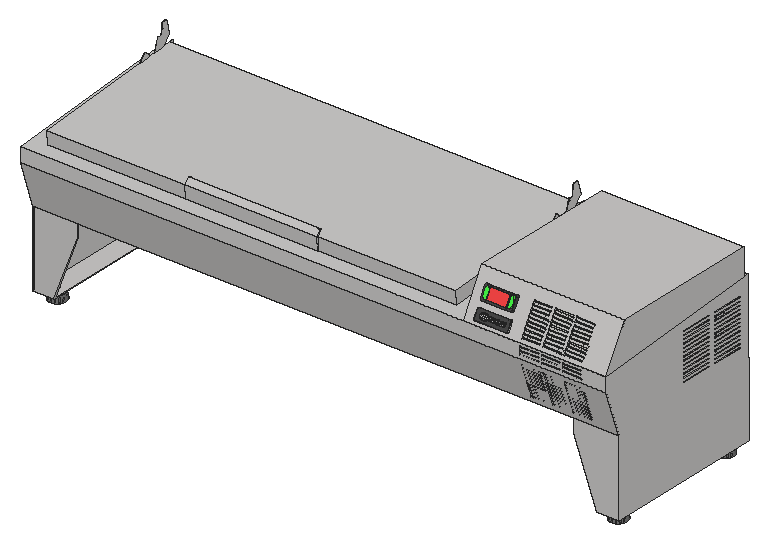
Revit family "QF_MACOM_CAB-2A", category Equipamento especial, Revit 2020
Family settings
  Cota do conector redondo = Utilizar diâmetro
  Tipo de parte = Normal
  Número OmniClass = 23.40.40.11.11.11
  Título OmniClass = Refrigerators
  Com base no plano de trabalho = Não
  Sempre na vertical = Sim
  Corte com vazios quando carregada = Não
  Compartilhado = Não
  Ponto de cálculo do ambiente = Não
Parameters (values of type "CAB-2A")
  Work Temperature = "-4 ºC to +5 ºC"
  Width = 1380 mm
  Weight = 69.00 kg
  Volume = 0.14 m³
  Volts = 220 V
  URL = "https://www.acosmacom.com.br/"
  Show Logo = yes
  Show Clearances = yes
  Refrigerent Type = "R134a"
  Refrigeration Climate Class = "4"
  Operational Current = 2 A
  Modelo = "CAB-2A"
  Ingress Protection Code = "IP 22"
  Height = 440 mm
  Fabricante = "MACOM"
  Elevação padrão = 0 mm
  Electric Power = 307 W
  Elec Connection Height = 207 mm
  Descrição = "CABECOTE REFRIGERADO MACOM PARA 05 GN 1/3-150 COM 5 SUPORTES INTERNOS E PÉS 180mm"
  Depth = 420 mm
  Cycle = 60 Hz
Reference planes
  plane 1: z = 0
  plane 2 "Center (Left/Right)": x = 0
  plane 3 "Centro (Frente/Trás)": y = 0.5
  plane 4: x = -1380
  plane 5: y = -419.5
  plane 6: z = 203
  plane 7: z = 440
  plane 8: x = -65
  plane 9: y = -19.5
Forms (mm)
  Extrusion 1, solid, material "QF_Metal_Stainless Steel-Polished", detail levels medium+fine
    sketch origin (294, 342.174, 274.529) x (0, -0.38282, -0.923823) y (0, -0.923823, 0.38282)
      loop
        line (211.529, 699.088) -> (212.21, 700.425) -> (184.926, 714.326) -> (169.035, 709.163) -> (169.035, 708.274)
        arc (169.035, 708.274) -> (169.241, 707.87) -> (169.69, 707.799) r 0.5
        line (169.69, 707.799) -> (184.799, 712.708) -> (211.529, 699.088)
    from 999.901 to 1310
  Extrusion 2, solid, material "QF_Metal_Stainless Steel-Polished", detail levels fine
    sketch origin (498, 342.174, 273.596) x (0, -0.38282, -0.923823) y (0, -0.923823, 0.38282)
      loop
        circle (28.973, 391.913) r 4.549
      loop
        circle (52.084, 431.707) r 3.299
    from 1840.5 to 1845.959
  Extrusion 3, solid, material "QF_Metal_Stainless Steel-Polished", detail levels fine
    sketch origin (1467.459, 342.174, 273.596) x (0, -0.38282, -0.923823) y (0, -0.923823, 0.38282)
      loop
        circle (28.973, 391.913) r 4.549
      loop
        circle (52.084, 431.707) r 3.299
    from 1840.5 to 1845.959
  Extrusion 4, solid, material "QF_Metal_Stainless Steel-Polished", detail levels medium+fine
    sketch origin (-162.765, -389.001, -148.344) x (0, 0.996929, 0.078312) y (0, -0.078312, 0.996929)
      loop
        line (306.767, 493.22) -> (416.767, 493.22) -> (416.767, 521.233)
        arc (416.767, 521.233) -> (416.573, 521.701) -> (416.106, 521.894) r 0.661
        line (416.106, 521.894) -> (413.276, 521.894)
        arc (413.276, 521.894) -> (408.673, 519.988) -> (406.767, 515.385) r 6.509
        line (406.767, 515.385) -> (406.767, 508.828)
        arc (406.767, 508.828) -> (406.748, 508.038) -> (406.522, 507.282) r 2.957
        arc (406.522, 507.282) -> (406.214, 506.632) -> (405.885, 505.992) r 21.324
        arc (405.885, 505.992) -> (405.497, 505.443) -> (404.989, 505.004) r 2.755
        arc (404.989, 505.004) -> (404.422, 504.635) -> (403.847, 504.281) r 27.059
        arc (403.847, 504.281) -> (403.16, 503.982) -> (402.419, 503.87) r 2.892
        arc (402.419, 503.87) -> (401.564, 503.879) -> (400.712, 503.94) r 14.003
        arc (400.712, 503.94) -> (399.994, 504.109) -> (399.342, 504.455) r 2.873
        arc (399.342, 504.455) -> (398.799, 504.849) -> (398.267, 505.257) r 28.054
        arc (398.267, 505.257) -> (397.599, 505.968) -> (397.176, 506.846) r 3.213
        arc (397.176, 506.846) -> (396.925, 507.827) -> (396.767, 508.828) r 10.886
        line (396.767, 508.828) -> (396.498, 511.243)
        arc (396.498, 511.243) -> (396.101, 512.199) -> (395.334, 512.894) r 2.373
        arc (395.334, 512.894) -> (394.31, 513.138) -> (393.315, 512.792) r 1.881
        arc (393.315, 512.792) -> (392.394, 512.305) -> (391.378, 512.073) r 3.987
        arc (391.378, 512.073) -> (390.764, 512.032) -> (390.148, 512.025) r 11.397
        arc (390.148, 512.025) -> (389.552, 512.087) -> (388.977, 512.253) r 3.374
        arc (388.977, 512.253) -> (388.587, 512.408) -> (388.2, 512.569) r 25.526
        arc (388.2, 512.569) -> (387.624, 512.883) -> (387.116, 513.298) r 3.484
        arc (387.116, 513.298) -> (386.76, 513.662) -> (386.417, 514.038) r 15.164
        arc (386.417, 514.038) -> (386.034, 514.565) -> (385.755, 515.154) r 3.475
        arc (385.755, 515.154) -> (385.568, 515.713) -> (385.409, 516.281) r 12.012
        arc (385.409, 516.281) -> (385.304, 516.967) -> (385.334, 517.659) r 3.548
        arc (385.334, 517.659) -> (385.44, 518.273) -> (385.578, 518.879) r 11.25
        arc (385.578, 518.879) -> (385.85, 519.604) -> (386.267, 520.256) r 3.674
        arc (386.267, 520.256) -> (386.669, 520.731) -> (387.096, 521.182) r 11.26
        line (387.096, 521.182) -> (406.327, 540.413)
        arc (406.327, 540.413) -> (406.871, 541.092) -> (406.972, 541.956) r 1.579
        line (406.972, 541.956) -> (402.166, 571.384)
        arc (402.166, 571.384) -> (401.177, 573.134) -> (399.291, 573.828) r 2.913
        line (399.291, 573.828) -> (394.954, 573.828)
        arc (394.954, 573.828) -> (391.744, 572.661) -> (390.032, 569.705) r 5
        line (390.032, 569.705) -> (386.857, 551.893)
        arc (386.857, 551.893) -> (383.275, 546.981) -> (377.568, 549.077) r 5.047
        arc (377.568, 549.077) -> (376.336, 549.669) -> (375.249, 548.84) r 1.308
        line (375.249, 548.84) -> (359.767, 508.828)
        arc (359.767, 508.828) -> (354.767, 503.828) -> (349.767, 508.828) r 5
        line (349.767, 508.828) -> (349.767, 515.543)
        arc (349.767, 515.543) -> (348.244, 523.197) -> (343.909, 529.685) r 20
        line (343.909, 529.685) -> (339.164, 534.43)
        arc (339.164, 534.43) -> (337.113, 535.279) -> (335.062, 534.43) r 2.901
        line (335.062, 534.43) -> (308.595, 507.962)
        arc (308.595, 507.962) -> (307.242, 505.937) -> (306.767, 503.549) r 6.242
        line (306.767, 503.549) -> (306.767, 493.22)
    from -213.723 to -212.223
  Extrusion 5, solid, material "QF_Metal_Stainless Steel-Polished", detail levels medium+fine
    sketch origin (-1132.277, -388.994, -148.343) x (0, 0.996929, 0.078312) y (0, -0.078312, 0.996929)
      loop
        line (306.759, 493.22) -> (416.759, 493.22) -> (416.759, 521.233)
        arc (416.759, 521.233) -> (416.566, 521.701) -> (416.098, 521.894) r 0.661
        line (416.098, 521.894) -> (413.268, 521.894)
        arc (413.268, 521.894) -> (408.666, 519.988) -> (406.759, 515.385) r 6.509
        line (406.759, 515.385) -> (406.759, 508.828)
        arc (406.759, 508.828) -> (401.759, 503.828) -> (396.759, 508.828) r 5
        line (396.759, 508.828) -> (396.491, 511.243)
        arc (396.491, 511.243) -> (395.326, 512.894) -> (393.308, 512.792) r 2.094
        arc (393.308, 512.792) -> (386.341, 514.129) -> (387.089, 521.182) r 5.24
        line (387.089, 521.182) -> (406.538, 540.631)
        arc (406.538, 540.631) -> (406.911, 541.242) -> (406.965, 541.956) r 1.525
        line (406.965, 541.956) -> (402.158, 571.384)
        arc (402.158, 571.384) -> (401.17, 573.134) -> (399.283, 573.828) r 2.913
        line (399.283, 573.828) -> (394.947, 573.828)
        arc (394.947, 573.828) -> (391.737, 572.661) -> (390.025, 569.705) r 5
        line (390.025, 569.705) -> (386.85, 551.893)
        arc (386.85, 551.893) -> (383.268, 546.981) -> (377.561, 549.077) r 5.047
        arc (377.561, 549.077) -> (376.329, 549.669) -> (375.242, 548.84) r 1.308
        line (375.242, 548.84) -> (359.759, 508.828)
        arc (359.759, 508.828) -> (354.759, 503.828) -> (349.759, 508.828) r 5
        line (349.759, 508.828) -> (349.759, 515.543)
        arc (349.759, 515.543) -> (348.237, 523.197) -> (343.901, 529.685) r 20
        line (343.901, 529.685) -> (339.157, 534.43)
        arc (339.157, 534.43) -> (337.106, 535.279) -> (335.055, 534.43) r 2.901
        line (335.055, 534.43) -> (308.587, 507.962)
        arc (308.587, 507.962) -> (307.234, 505.937) -> (306.759, 503.549) r 6.242
        line (306.759, 503.549) -> (306.759, 493.22)
    from -213.723 to -212.223
  Extrusion 6, solid, material "QF_Metal_Stainless Steel-Polished"
    sketch origin (0, 0.508, 23.58) x (0, -1, 0) y (0, 0, 1)
      loop
        line (382.519, 0) -> (382.519, 179.42) -> (420.008, 286.42) -> (420.008, 320.42) -> (0.008, 353.412) -> (0.008, 0) -> (382.519, 0)
    from 0 to 1380
  Extrusion 7, void
    sketch origin (0, -382.011, 23.58) x (0, 0, -1) y (-1, 0, 0)
      loop
        line (0, 50) -> (0, 1330) -> (-148, 1275) -> (-179.42, 1275) -> (-179.42, 105) -> (-148, 105) -> (0, 50)
    from 0 to 379.511
  Extrusion 8, solid, material "QF_Metal_Stainless Steel-Polished"
    sketch origin (0, 0.508, 23.58) x (0, 1, 0) y (0, 0, 1)
      loop
        line (-420.008, 320.42) -> (-13.5, 352.352) -> (-13.5, 416.42) -> (-364.582, 416.42) -> (-420.008, 320.42)
    from 0 to -335.5
  Extrusion 9, void
    sketch origin (0, 0, 0) x (0, 1, 0) y (0, 0, 1)
      loop
        line (-380.711, 24.88) -> (-0.8, 24.88) -> (-0.8, 203) -> (-380.711, 203) -> (-380.711, 24.88)
    from -1.3 to -1378.2
  Extrusion 10, solid, material "QF_Metal_Stainless Steel-Polished"
    sketch origin (0, 363.764, 265.033) x (0, 0.38282, 0.923823) y (0, -0.923823, 0.38282)
      loop
        line (-46.222, 399.233) -> (-19.492, 412.853) -> (-184.291, 736.288) -> (-211.021, 722.668) -> (-46.222, 399.233)
    from -378.5 to -1342.5
  Extrusion 11, void
    sketch origin (-378.5, 363.764, 265.033) x (0, -0.38282, -0.923823) y (0, -0.923823, 0.38282)
      loop
        line (50.762, 408.143) -> (206.481, 713.758) -> (198.883, 717.63) -> (43.164, 412.014) -> (50.762, 408.143)
    from 10 to 952.5
  Extrusion 12, void, detail levels fine
    sketch origin (-378.5, -423.918, 299.759) x (0, -0.34202, 0.939693) y (1, 0, 0)
      loop
        line (-10.95, 176.75) -> (-6.95, 176.75) -> (-6.95, 221.75) -> (-10.95, 221.75) -> (-10.95, 176.75)
      loop
        line (-10.95, 226.75) -> (-6.95, 226.75) -> (-6.95, 271.75) -> (-10.95, 271.75) -> (-10.95, 226.75)
      loop
        line (-10.95, 321.75) -> (-10.95, 276.75) -> (-6.95, 276.75) -> (-6.95, 321.75) -> (-10.95, 321.75)
      loop
        line (-14.95, 321.75) -> (-18.95, 321.75) -> (-18.95, 276.75) -> (-14.95, 276.75) -> (-14.95, 321.75)
      loop
        line (-14.95, 226.75) -> (-14.95, 271.75) -> (-18.95, 271.75) -> (-18.95, 226.75) -> (-14.95, 226.75)
      loop
        line (-14.95, 176.75) -> (-14.95, 221.75) -> (-18.95, 221.75) -> (-18.95, 176.75) -> (-14.95, 176.75)
      loop
        line (-22.95, 176.75) -> (-22.95, 221.75) -> (-26.95, 221.75) -> (-26.95, 176.75) -> (-22.95, 176.75)
      loop
        line (-22.95, 226.75) -> (-22.95, 271.75) -> (-26.95, 271.75) -> (-26.95, 226.75) -> (-22.95, 226.75)
      loop
        line (-22.95, 276.75) -> (-22.95, 321.75) -> (-26.95, 321.75) -> (-26.95, 276.75) -> (-22.95, 276.75)
      loop
        line (-30.95, 276.75) -> (-30.95, 321.75) -> (-34.95, 321.75) -> (-34.95, 276.75) -> (-30.95, 276.75)
      loop
        line (-30.95, 226.75) -> (-30.95, 271.75) -> (-34.95, 271.75) -> (-34.95, 226.75) -> (-30.95, 226.75)
      loop
        line (-30.95, 176.75) -> (-30.95, 221.75) -> (-34.95, 221.75) -> (-34.95, 176.75) -> (-30.95, 176.75)
      loop
        line (-38.95, 176.75) -> (-38.95, 221.75) -> (-42.95, 221.75) -> (-42.95, 176.75) -> (-38.95, 176.75)
      loop
        line (-46.95, 176.75) -> (-46.95, 221.75) -> (-50.95, 221.75) -> (-50.95, 176.75) -> (-46.95, 176.75)
      loop
        line (-54.95, 176.75) -> (-54.95, 221.75) -> (-58.95, 221.75) -> (-58.95, 176.75) -> (-54.95, 176.75)
      loop
        line (-62.95, 176.75) -> (-62.95, 221.75) -> (-66.95, 221.75) -> (-66.95, 176.75) -> (-62.95, 176.75)
      loop
        line (-70.95, 176.75) -> (-70.95, 221.75) -> (-74.95, 221.75) -> (-74.95, 176.75) -> (-70.95, 176.75)
      loop
        line (-78.95, 176.75) -> (-78.95, 221.75) -> (-82.95, 221.75) -> (-82.95, 176.75) -> (-78.95, 176.75)
      loop
        line (-86.95, 176.75) -> (-86.95, 221.75) -> (-90.95, 221.75) -> (-90.95, 176.75) -> (-86.95, 176.75)
      loop
        line (-38.95, 226.75) -> (-38.95, 271.75) -> (-42.95, 271.75) -> (-42.95, 226.75) -> (-38.95, 226.75)
      loop
        line (-46.95, 226.75) -> (-46.95, 271.75) -> (-50.95, 271.75) -> (-50.95, 226.75) -> (-46.95, 226.75)
      loop
        line (-54.95, 226.75) -> (-54.95, 271.75) -> (-58.95, 271.75) -> (-58.95, 226.75) -> (-54.95, 226.75)
      loop
        line (-62.95, 226.75) -> (-62.95, 271.75) -> (-66.95, 271.75) -> (-66.95, 226.75) -> (-62.95, 226.75)
      loop
        line (-70.95, 226.75) -> (-70.95, 271.75) -> (-74.95, 271.75) -> (-74.95, 226.75) -> (-70.95, 226.75)
      loop
        line (-78.95, 226.75) -> (-78.95, 271.75) -> (-82.95, 271.75) -> (-82.95, 226.75) -> (-78.95, 226.75)
      loop
        line (-86.95, 226.75) -> (-86.95, 271.75) -> (-90.95, 271.75) -> (-90.95, 226.75) -> (-86.95, 226.75)
      loop
        line (-38.95, 276.75) -> (-38.95, 321.75) -> (-42.95, 321.75) -> (-42.95, 276.75) -> (-38.95, 276.75)
      loop
        line (-46.95, 276.75) -> (-46.95, 321.75) -> (-50.95, 321.75) -> (-50.95, 276.75) -> (-46.95, 276.75)
      loop
        line (-54.95, 276.75) -> (-54.95, 321.75) -> (-58.95, 321.75) -> (-58.95, 276.75) -> (-54.95, 276.75)
      loop
        line (-62.95, 276.75) -> (-62.95, 321.75) -> (-66.95, 321.75) -> (-66.95, 276.75) -> (-62.95, 276.75)
      loop
        line (-70.95, 276.75) -> (-70.95, 321.75) -> (-74.95, 321.75) -> (-74.95, 276.75) -> (-70.95, 276.75)
      loop
        line (-78.95, 276.75) -> (-78.95, 321.75) -> (-82.95, 321.75) -> (-82.95, 276.75) -> (-78.95, 276.75)
      loop
        line (-86.95, 276.75) -> (-86.95, 321.75) -> (-90.95, 321.75) -> (-90.95, 276.75) -> (-86.95, 276.75)
    from 0 to 9.667
  Extrusion 13, void
    sketch origin (0, 0.508, 0.58) x (0, -1, 0) y (0, 0, 1)
      loop
        line (192.787, 340.829) -> (112.787, 340.829) -> (112.787, 335.829) -> (192.787, 335.829) -> (192.787, 340.829)
      loop
        line (192.787, 331.829) -> (112.787, 331.829) -> (112.787, 326.829) -> (192.787, 326.829) -> (192.787, 331.829)
      loop
        line (192.787, 322.829) -> (112.787, 322.829) -> (112.787, 317.829) -> (192.787, 317.829) -> (192.787, 322.829)
      loop
        line (192.787, 313.829) -> (112.787, 313.829) -> (112.787, 308.829) -> (192.787, 308.829) -> (192.787, 313.829)
      loop
        line (192.787, 304.829) -> (112.787, 304.829) -> (112.787, 299.829) -> (192.787, 299.829) -> (192.787, 304.829)
      loop
        line (192.787, 295.829) -> (112.787, 295.829) -> (112.787, 290.829) -> (192.787, 290.829) -> (192.787, 295.829)
      loop
        line (192.787, 286.829) -> (112.787, 286.829) -> (112.787, 281.829) -> (192.787, 281.829) -> (192.787, 286.829)
      loop
        line (192.787, 277.829) -> (112.787, 277.829) -> (112.787, 272.829) -> (192.787, 272.829) -> (192.787, 277.829)
      loop
        line (192.787, 268.829) -> (112.787, 268.829) -> (112.787, 263.829) -> (192.787, 263.829) -> (192.787, 268.829)
      loop
        line (192.787, 259.829) -> (112.787, 259.829) -> (112.787, 254.829) -> (192.787, 254.829) -> (192.787, 259.829)
      loop
        line (192.787, 250.829) -> (112.787, 250.829) -> (112.787, 245.829) -> (192.787, 245.829) -> (192.787, 250.829)
      loop
        line (192.787, 241.829) -> (112.787, 241.829) -> (112.787, 236.829) -> (192.787, 236.829) -> (192.787, 241.829)
      loop
        line (192.787, 232.829) -> (112.787, 232.829) -> (112.787, 227.829) -> (192.787, 227.829) -> (192.787, 232.829)
      loop
        line (102.787, 340.829) -> (22.787, 340.829) -> (22.787, 335.829) -> (102.787, 335.829) -> (102.787, 340.829)
      loop
        line (102.787, 331.829) -> (22.787, 331.829) -> (22.787, 326.829) -> (102.787, 326.829) -> (102.787, 331.829)
      loop
        line (102.787, 322.829) -> (22.787, 322.829) -> (22.787, 317.829) -> (102.787, 317.829) -> (102.787, 322.829)
      loop
        line (102.787, 313.829) -> (22.787, 313.829) -> (22.787, 308.829) -> (102.787, 308.829) -> (102.787, 313.829)
      loop
        line (102.787, 304.829) -> (22.787, 304.829) -> (22.787, 299.829) -> (102.787, 299.829) -> (102.787, 304.829)
      loop
        line (102.787, 295.829) -> (22.787, 295.829) -> (22.787, 290.829) -> (102.787, 290.829) -> (102.787, 295.829)
      loop
        line (102.787, 286.829) -> (22.787, 286.829) -> (22.787, 281.829) -> (102.787, 281.829) -> (102.787, 286.829)
      loop
        line (102.787, 277.829) -> (22.787, 277.829) -> (22.787, 272.829) -> (102.787, 272.829) -> (102.787, 277.829)
      loop
        line (102.787, 268.829) -> (22.787, 268.829) -> (22.787, 263.829) -> (102.787, 263.829) -> (102.787, 268.829)
      loop
        line (102.787, 259.829) -> (22.787, 259.829) -> (22.787, 254.829) -> (102.787, 254.829) -> (102.787, 259.829)
      loop
        line (102.787, 250.829) -> (22.787, 250.829) -> (22.787, 245.829) -> (102.787, 245.829) -> (102.787, 250.829)
      loop
        line (102.787, 241.829) -> (22.787, 241.829) -> (22.787, 236.829) -> (102.787, 236.829) -> (102.787, 241.829)
      loop
        line (102.787, 232.829) -> (22.787, 232.829) -> (22.787, 227.829) -> (102.787, 227.829) -> (102.787, 232.829)
    from 0 to 2
  Extrusion 14, void
    sketch origin (0, 0.5, 402.602) x (0, 0, 1) y (-1, 0, 0)
      loop
        line (-62.109, 24.5) -> (-62.109, 104.5) -> (-67.109, 104.5) -> (-67.109, 24.5) -> (-62.109, 24.5)
      loop
        line (-71.109, 24.5) -> (-71.109, 104.5) -> (-76.109, 104.5) -> (-76.109, 24.5) -> (-71.109, 24.5)
      loop
        line (-80.109, 24.5) -> (-80.109, 104.5) -> (-85.109, 104.5) -> (-85.109, 24.5) -> (-80.109, 24.5)
      loop
        line (-89.109, 24.5) -> (-89.109, 104.5) -> (-94.109, 104.5) -> (-94.109, 24.5) -> (-89.109, 24.5)
      loop
        line (-98.109, 24.5) -> (-98.109, 104.5) -> (-103.109, 104.5) -> (-103.109, 24.5) -> (-98.109, 24.5)
      loop
        line (-107.109, 24.5) -> (-107.109, 104.5) -> (-112.109, 104.5) -> (-112.109, 24.5) -> (-107.109, 24.5)
      loop
        line (-116.109, 24.5) -> (-116.109, 104.5) -> (-121.109, 104.5) -> (-121.109, 24.5) -> (-116.109, 24.5)
      loop
        line (-125.109, 24.5) -> (-125.109, 104.5) -> (-130.109, 104.5) -> (-130.109, 24.5) -> (-125.109, 24.5)
      loop
        line (-134.109, 24.5) -> (-134.109, 104.5) -> (-139.109, 104.5) -> (-139.109, 24.5) -> (-134.109, 24.5)
      loop
        line (-143.109, 24.5) -> (-143.109, 104.5) -> (-148.109, 104.5) -> (-148.109, 24.5) -> (-143.109, 24.5)
      loop
        line (-152.109, 24.5) -> (-152.109, 104.5) -> (-157.109, 104.5) -> (-157.109, 24.5) -> (-152.109, 24.5)
      loop
        line (-161.109, 24.5) -> (-161.109, 104.5) -> (-166.109, 104.5) -> (-166.109, 24.5) -> (-161.109, 24.5)
      loop
        line (-170.109, 24.5) -> (-170.109, 104.5) -> (-175.109, 104.5) -> (-175.109, 24.5) -> (-170.109, 24.5)
      loop
        line (-62.109, 114.5) -> (-62.109, 194.5) -> (-67.109, 194.5) -> (-67.109, 114.5) -> (-62.109, 114.5)
      loop
        line (-71.109, 114.5) -> (-71.109, 194.5) -> (-76.109, 194.5) -> (-76.109, 114.5) -> (-71.109, 114.5)
      loop
        line (-80.109, 114.5) -> (-80.109, 194.5) -> (-85.109, 194.5) -> (-85.109, 114.5) -> (-80.109, 114.5)
      loop
        line (-89.109, 114.5) -> (-89.109, 194.5) -> (-94.109, 194.5) -> (-94.109, 114.5) -> (-89.109, 114.5)
      loop
        line (-98.109, 114.5) -> (-98.109, 194.5) -> (-103.109, 194.5) -> (-103.109, 114.5) -> (-98.109, 114.5)
      loop
        line (-107.109, 114.5) -> (-107.109, 194.5) -> (-112.109, 194.5) -> (-112.109, 114.5) -> (-107.109, 114.5)
      loop
        line (-116.109, 114.5) -> (-116.109, 194.5) -> (-121.109, 194.5) -> (-121.109, 114.5) -> (-116.109, 114.5)
      loop
        line (-125.109, 114.5) -> (-125.109, 194.5) -> (-130.109, 194.5) -> (-130.109, 114.5) -> (-125.109, 114.5)
      loop
        line (-134.109, 114.5) -> (-134.109, 194.5) -> (-139.109, 194.5) -> (-139.109, 114.5) -> (-134.109, 114.5)
      loop
        line (-143.109, 114.5) -> (-143.109, 194.5) -> (-148.109, 194.5) -> (-148.109, 114.5) -> (-143.109, 114.5)
      loop
        line (-152.109, 114.5) -> (-152.109, 194.5) -> (-157.109, 194.5) -> (-157.109, 114.5) -> (-152.109, 114.5)
      loop
        line (-161.109, 114.5) -> (-161.109, 194.5) -> (-166.109, 194.5) -> (-166.109, 114.5) -> (-161.109, 114.5)
      loop
        line (-170.109, 114.5) -> (-170.109, 194.5) -> (-175.109, 194.5) -> (-175.109, 114.5) -> (-170.109, 114.5)
      loop
        line (-62.109, 204.5) -> (-62.109, 284.5) -> (-67.109, 284.5) -> (-67.109, 204.5) -> (-62.109, 204.5)
      loop
        line (-71.109, 204.5) -> (-71.109, 284.5) -> (-76.109, 284.5) -> (-76.109, 204.5) -> (-71.109, 204.5)
      loop
        line (-80.109, 204.5) -> (-80.109, 284.5) -> (-85.109, 284.5) -> (-85.109, 204.5) -> (-80.109, 204.5)
      loop
        line (-89.109, 204.5) -> (-89.109, 284.5) -> (-94.109, 284.5) -> (-94.109, 204.5) -> (-89.109, 204.5)
      loop
        line (-98.109, 204.5) -> (-98.109, 284.5) -> (-103.109, 284.5) -> (-103.109, 204.5) -> (-98.109, 204.5)
      loop
        line (-107.109, 204.5) -> (-107.109, 284.5) -> (-112.109, 284.5) -> (-112.109, 204.5) -> (-107.109, 204.5)
      loop
        line (-116.109, 204.5) -> (-116.109, 284.5) -> (-121.109, 284.5) -> (-121.109, 204.5) -> (-116.109, 204.5)
      loop
        line (-125.109, 204.5) -> (-125.109, 284.5) -> (-130.109, 284.5) -> (-130.109, 204.5) -> (-125.109, 204.5)
      loop
        line (-134.109, 204.5) -> (-134.109, 284.5) -> (-139.109, 284.5) -> (-139.109, 204.5) -> (-134.109, 204.5)
      loop
        line (-143.109, 204.5) -> (-143.109, 284.5) -> (-148.109, 284.5) -> (-148.109, 204.5) -> (-143.109, 204.5)
      loop
        line (-152.109, 204.5) -> (-152.109, 284.5) -> (-157.109, 284.5) -> (-157.109, 204.5) -> (-152.109, 204.5)
      loop
        line (-161.109, 204.5) -> (-161.109, 284.5) -> (-166.109, 284.5) -> (-166.109, 204.5) -> (-161.109, 204.5)
      loop
        line (-170.109, 204.5) -> (-170.109, 284.5) -> (-175.109, 284.5) -> (-175.109, 204.5) -> (-170.109, 204.5)
    from 0 to 2
  Extrusion 15, void
    sketch origin (0, -419.5, 334.602) x (0, 0, -1) y (-1, 0, 0)
      loop
        line (-3.262, 201.5) -> (-3.262, 156.5) -> (0.738, 156.5) -> (0.738, 201.5) -> (-3.262, 201.5)
      loop
        line (4.738, 201.5) -> (4.738, 156.5) -> (8.738, 156.5) -> (8.738, 201.5) -> (4.738, 201.5)
      loop
        line (12.738, 201.5) -> (12.738, 156.5) -> (16.738, 156.5) -> (16.738, 201.5) -> (12.738, 201.5)
      loop
        line (-3.262, 151.5) -> (-3.262, 106.5) -> (0.738, 106.5) -> (0.738, 151.5) -> (-3.262, 151.5)
      loop
        line (4.738, 151.5) -> (4.738, 106.5) -> (8.738, 106.5) -> (8.738, 151.5) -> (4.738, 151.5)
      loop
        line (12.738, 151.5) -> (12.738, 106.5) -> (16.738, 106.5) -> (16.738, 151.5) -> (12.738, 151.5)
      loop
        line (-3.262, 101.5) -> (-3.262, 56.5) -> (0.738, 56.5) -> (0.738, 101.5) -> (-3.262, 101.5)
      loop
        line (4.738, 101.5) -> (4.738, 56.5) -> (8.738, 56.5) -> (8.738, 101.5) -> (4.738, 101.5)
      loop
        line (12.738, 101.5) -> (12.738, 56.5) -> (16.738, 56.5) -> (16.738, 101.5) -> (12.738, 101.5)
    from 0 to 2
  Extrusion 16, void
    sketch origin (0, -413.155, 354.99) x (0, -0.5, -0.866025) y (-1, 0, 0)
      loop
        line (-71.754, 201.5) -> (-71.754, 156.5) -> (-67.754, 156.5) -> (-67.754, 201.5) -> (-71.754, 201.5)
      loop
        line (-63.754, 201.5) -> (-63.754, 156.5) -> (-59.754, 156.5) -> (-59.754, 201.5) -> (-63.754, 201.5)
      loop
        line (-55.754, 201.5) -> (-55.754, 156.5) -> (-51.754, 156.5) -> (-51.754, 201.5) -> (-55.754, 201.5)
      loop
        line (-47.754, 201.5) -> (-47.754, 156.5) -> (-43.754, 156.5) -> (-43.754, 201.5) -> (-47.754, 201.5)
      loop
        line (-39.754, 201.5) -> (-39.754, 156.5) -> (-35.754, 156.5) -> (-35.754, 201.5) -> (-39.754, 201.5)
      loop
        line (-31.754, 201.5) -> (-31.754, 156.5) -> (-27.754, 156.5) -> (-27.754, 201.5) -> (-31.754, 201.5)
      loop
        line (-23.754, 201.5) -> (-23.754, 156.5) -> (-19.754, 156.5) -> (-19.754, 201.5) -> (-23.754, 201.5)
      loop
        line (-15.754, 201.5) -> (-15.754, 156.5) -> (-11.754, 156.5) -> (-11.754, 201.5) -> (-15.754, 201.5)
      loop
        line (-7.754, 201.5) -> (-7.754, 156.5) -> (-3.754, 156.5) -> (-3.754, 201.5) -> (-7.754, 201.5)
      loop
        line (0.246, 201.5) -> (0.246, 156.5) -> (4.246, 156.5) -> (4.246, 201.5) -> (0.246, 201.5)
      loop
        line (-71.754, 151.5) -> (-71.754, 106.5) -> (-67.754, 106.5) -> (-67.754, 151.5) -> (-71.754, 151.5)
      loop
        line (-63.754, 151.5) -> (-63.754, 106.5) -> (-59.754, 106.5) -> (-59.754, 151.5) -> (-63.754, 151.5)
      loop
        line (-55.754, 151.5) -> (-55.754, 106.5) -> (-51.754, 106.5) -> (-51.754, 151.5) -> (-55.754, 151.5)
      loop
        line (-47.754, 151.5) -> (-47.754, 106.5) -> (-43.754, 106.5) -> (-43.754, 151.5) -> (-47.754, 151.5)
      loop
        line (-39.754, 151.5) -> (-39.754, 106.5) -> (-35.754, 106.5) -> (-35.754, 151.5) -> (-39.754, 151.5)
      loop
        line (-31.754, 151.5) -> (-31.754, 106.5) -> (-27.754, 106.5) -> (-27.754, 151.5) -> (-31.754, 151.5)
      loop
        line (-23.754, 151.5) -> (-23.754, 106.5) -> (-19.754, 106.5) -> (-19.754, 151.5) -> (-23.754, 151.5)
      loop
        line (-15.754, 151.5) -> (-15.754, 106.5) -> (-11.754, 106.5) -> (-11.754, 151.5) -> (-15.754, 151.5)
      loop
        line (-7.754, 151.5) -> (-7.754, 106.5) -> (-3.754, 106.5) -> (-3.754, 151.5) -> (-7.754, 151.5)
      loop
        line (0.246, 151.5) -> (0.246, 106.5) -> (4.246, 106.5) -> (4.246, 151.5) -> (0.246, 151.5)
      loop
        line (-71.754, 101.5) -> (-71.754, 56.5) -> (-67.754, 56.5) -> (-67.754, 101.5) -> (-71.754, 101.5)
      loop
        line (-63.754, 101.5) -> (-63.754, 56.5) -> (-59.754, 56.5) -> (-59.754, 101.5) -> (-63.754, 101.5)
      loop
        line (-55.754, 101.5) -> (-55.754, 56.5) -> (-51.754, 56.5) -> (-51.754, 101.5) -> (-55.754, 101.5)
      loop
        line (-47.754, 101.5) -> (-47.754, 56.5) -> (-43.754, 56.5) -> (-43.754, 101.5) -> (-47.754, 101.5)
      loop
        line (-39.754, 101.5) -> (-39.754, 56.5) -> (-35.754, 56.5) -> (-35.754, 101.5) -> (-39.754, 101.5)
      loop
        line (-31.754, 101.5) -> (-31.754, 56.5) -> (-27.754, 56.5) -> (-27.754, 101.5) -> (-31.754, 101.5)
      loop
        line (-23.754, 101.5) -> (-23.754, 56.5) -> (-19.754, 56.5) -> (-19.754, 101.5) -> (-23.754, 101.5)
      loop
        line (-15.754, 101.5) -> (-15.754, 56.5) -> (-11.754, 56.5) -> (-11.754, 101.5) -> (-15.754, 101.5)
      loop
        line (-7.754, 101.5) -> (-7.754, 56.5) -> (-3.754, 56.5) -> (-3.754, 101.5) -> (-7.754, 101.5)
      loop
        line (0.246, 101.5) -> (0.246, 56.5) -> (4.246, 56.5) -> (4.246, 101.5) -> (0.246, 101.5)
    from 0 to 2
  Extrusion 17, solid, material "QF_Clearances", visible <- "Show Clearances", detail levels coarse
    sketch origin (-378.5, 363.764, 265.033) x (0, 0.38282, 0.923823) y (0, -0.923823, 0.38282)
      loop
        line (-46.222, 399.233) -> (190.461, 676.436)
        arc (190.461, 676.436) -> (-3.407, 761.21) -> (-211.702, 724.005) r 364.5
        line (-211.702, 724.005) -> (-46.222, 399.233)
    from -964 to 0
  Extrusion 18, solid, material "QF_Metal_Stainless Steel-Polished"
    sketch origin (-105, -382.011, 203) x (0, 1, 0) y (1, 0, 0)
      loop
        circle (362.511, 40) r 9.525
    from 0 to 6.35
Cuts and joins
  Extrusion 7, Extrusion 9, Extrusion 12, Extrusion 13, Extrusion 14, Extrusion 15 cuts Extrusion 6
  Extrusion 16 cuts Extrusion 8
  Extrusion 11 cuts Extrusion 10
Lines and regions (mm)
  symbolic lines
    curve 1: line (-1380, 0.5, 0) -> (0, 0.5, 0)
    curve 2: line (-1380, -419.5, 0) -> (-1380, 0.5, 0)
    curve 3: line (0, -419.5, 0) -> (-1380, -419.5, 0)
    curve 4: line (0, 0.5, 0) -> (0, -419.5, 0)
    curve 5: line (-335.5, -12.992, 0) -> (0, -12.992, 0)
    curve 6: line (-335.5, -419.5, 0) -> (-335.5, -12.992, 0)
    curve 7: line (0, -419.5, 0) -> (-335.5, -419.5, 0)
    curve 8: line (0, -12.992, 0) -> (0, -419.5, 0)
    curve 9: line (-335.5, -364.074, 0) -> (0, -364.074, 0)
    curve 10: line (-335.5, -419.5, 0) -> (-335.5, -364.074, 0)
    curve 11: line (0, -419.5, 0) -> (-335.5, -419.5, 0)
    curve 12: line (0, -364.074, 0) -> (0, -419.5, 0)
    curve 13: line (-1342.5, -25.101, 0) -> (-378.5, -25.101, 0)
    curve 14: line (-1342.5, -386.986, 0) -> (-1342.5, -25.101, 0)
    curve 15: line (-378.5, -386.986, 0) -> (-1342.5, -386.986, 0)
    curve 16: line (-378.5, -25.101, 0) -> (-378.5, -386.986, 0)
    curve 17: line (-705.901, -376.547, 0) -> (-1016, -376.547, 0)
    curve 18: line (-705.901, -388.53, 0) -> (-705.901, -376.547, 0)
    curve 19: line (-1016, -388.53, 0) -> (-705.901, -388.53, 0)
    curve 20: line (-1016, -376.547, 0) -> (-1016, -388.53, 0)
Dimensions and locks
  Extrusion 9 sketch curve to cut or joined group of Extrusion 6, Extrusion 7, Extrusion 9, Extrusion 12, Extrusion 13, Extrusion 14, Extrusion 15 = 1.3 mm  (x2)
  cut or joined group of Extrusion 6, Extrusion 7, Extrusion 9, Extrusion 12, Extrusion 13, Extrusion 14, Extrusion 15 to Extrusion 9 sketch curve = 1.3 mm
  "Height": plane 7 to level
  plane 6 to level = 203 mm
  Extrusion 6 sketch curve to level = 344 mm
  Extrusion 6 sketch curve to Extrusion 6 sketch curve = 34 mm
  Extrusion 8 sketch curve to plane 5 = 55.426 mm
  plane 9 to plane 3 "Centro (Frente/Trás)" = 20 mm
  plane 8 to plane 2 "Center (Left/Right)" = 65 mm
  "Depth": plane 3 "Centro (Frente/Trás)" to plane 5
  "Width": plane 2 "Center (Left/Right)" to plane 4
  aligned and locked: level to plane 1
  aligned and locked: Extrusion 4 to cut or joined group of Extrusion 6, Extrusion 7, Extrusion 9, Extrusion 12, Extrusion 13, Extrusion 14, Extrusion 15
  aligned and locked: Extrusion 5 to Extrusion 4
  aligned and locked: Extrusion 17 to Extrusion 2
  aligned and locked: Extrusion 17 to Extrusion 3
  aligned and locked: plane 7 to cut or joined group of Extrusion 8, Extrusion 16
  aligned and locked: plane 6 to cut or joined group of Extrusion 6, Extrusion 7, Extrusion 9, Extrusion 12, Extrusion 13, Extrusion 14, Extrusion 15
  aligned and locked: Extrusion 8 sketch curve to Extrusion 4
  aligned and locked: curve 1 to cut or joined group of Extrusion 6, Extrusion 7, Extrusion 9, Extrusion 12, Extrusion 13, Extrusion 14, Extrusion 15
  aligned and locked: curve 2 to cut or joined group of Extrusion 6, Extrusion 7, Extrusion 9, Extrusion 12, Extrusion 13, Extrusion 14, Extrusion 15
  aligned and locked: curve 3 to cut or joined group of Extrusion 6, Extrusion 7, Extrusion 9, Extrusion 12, Extrusion 13, Extrusion 14, Extrusion 15
  aligned and locked: curve 4 to cut or joined group of Extrusion 6, Extrusion 7, Extrusion 9, Extrusion 12, Extrusion 13, Extrusion 14, Extrusion 15
  aligned and locked: curve 5 to cut or joined group of Extrusion 8, Extrusion 16
  aligned and locked: curve 6 to cut or joined group of Extrusion 8, Extrusion 16
  aligned and locked: curve 4 to curve 8
Automatic sketch dimensions
  Extrusion 5 sketch curve to Extrusion 5 sketch curve = 1.828 mm
  Extrusion 5 sketch curve to Extrusion 5 sketch curve = 4.413 mm
  Extrusion 5 sketch curve to Extrusion 5 sketch curve = 16.758 mm
  Extrusion 5 sketch curve to Extrusion 5 sketch curve = 5.296 mm
  Extrusion 5 sketch curve to Extrusion 5 sketch curve = 2.051 mm  (x3)
  Extrusion 5 sketch curve to Extrusion 5 sketch curve = 4.744 mm
  Extrusion 5 sketch curve to Extrusion 5 sketch curve = 20 mm
  Extrusion 5 sketch curve to Extrusion 5 sketch curve = 5 mm  (x2)
  Extrusion 5 sketch curve to Extrusion 5 sketch curve = 31.341 mm
  Extrusion 5 sketch curve to Extrusion 5 sketch curve = 1.219 mm
  Extrusion 5 sketch curve to Extrusion 5 sketch curve = 5.342 mm
  Extrusion 5 sketch curve to Extrusion 5 sketch curve = 5.047 mm
  Extrusion 5 sketch curve to Extrusion 5 sketch curve = 10.628 mm
  Extrusion 5 sketch curve to Extrusion 5 sketch curve = 3.175 mm
  Extrusion 5 sketch curve to Extrusion 5 sketch curve = 3.462 mm
  Extrusion 5 sketch curve to Extrusion 5 sketch curve = 3.858 mm
  Extrusion 5 sketch curve to Extrusion 5 sketch curve = 4.922 mm
  Extrusion 5 sketch curve to Extrusion 5 sketch curve = 2.081 mm
  Extrusion 5 sketch curve to Extrusion 5 sketch curve = 0.268 mm
  Extrusion 5 sketch curve to Extrusion 5 sketch curve = 4.336 mm
  Extrusion 5 sketch curve to Extrusion 5 sketch curve = 2.875 mm
  Extrusion 5 sketch curve to Extrusion 5 sketch curve = 18.61 mm
  Extrusion 5 sketch curve to Extrusion 5 sketch curve = 1.079 mm  (x2)
  Extrusion 5 sketch curve to Extrusion 5 sketch curve = 0.427 mm
  Extrusion 5 sketch curve to Extrusion 5 sketch curve = 6.509 mm
  Extrusion 5 sketch curve to Extrusion 5 sketch curve = 2.83 mm
  Extrusion 5 sketch curve to Extrusion 5 sketch curve = 10 mm
  Extrusion 5 sketch curve to Extrusion 5 sketch curve = 10.328 mm
  Extrusion 5 sketch curve to Extrusion 5 sketch curve = 5.279 mm
  Extrusion 5 sketch curve to Extrusion 5 sketch curve = 15.608 mm
  Extrusion 5 sketch curve to Extrusion 5 sketch curve = 2.184 mm
  Extrusion 5 sketch curve to Extrusion 5 sketch curve = 0.231 mm
  Extrusion 5 sketch curve to Extrusion 5 sketch curve = 6.558 mm
  Extrusion 5 sketch curve to Extrusion 5 sketch curve = 11.995 mm
  Extrusion 5 sketch curve to Extrusion 5 sketch curve = 6.237 mm
  Extrusion 5 sketch curve to Extrusion 5 sketch curve = 3.934 mm
  Extrusion 5 sketch curve to Extrusion 5 sketch curve = 2.693 mm
  Extrusion 5 sketch curve to Extrusion 5 sketch curve = 18.737 mm
  Extrusion 5 sketch curve to Extrusion 5 sketch curve = 27.186 mm
  Extrusion 5 sketch curve to Extrusion 5 sketch curve = 0.472 mm
  Extrusion 5 sketch curve to Extrusion 5 sketch curve = 3.442 mm
  Extrusion 5 sketch curve to Extrusion 5 sketch curve = 0.083 mm
  Extrusion 5 sketch curve to Extrusion 5 sketch curve = 16.934 mm
  Extrusion 5 sketch curve to Extrusion 5 sketch curve = 0.877 mm
  Extrusion 5 sketch curve to Extrusion 5 sketch curve = 2.913 mm
  Extrusion 7 sketch curve to Extrusion 6 = 0 mm
  Extrusion 6 to Extrusion 7 sketch curve = 31.42 mm  (x2)
  Extrusion 6 to Extrusion 7 sketch curve = 0 mm
  Extrusion 7 sketch curve to Extrusion 6 = 50 mm  (x2)
  Extrusion 7 sketch curve to Extrusion 6 = 105 mm  (x2)
  Extrusion 5 sketch curve to plane 3 "Centro (Frente/Trás)" = 122.302 mm
  Extrusion 12 sketch curve to Extrusion 12 sketch curve = 0 mm  (x55)
  Extrusion 12 sketch curve to Extrusion 12 sketch curve = 4 mm  (x63)
  Extrusion 12 sketch curve to Extrusion 12 sketch curve = 45 mm  (x4)
  Extrusion 12 sketch curve to Extrusion 12 sketch curve = 5 mm  (x8)
  Extrusion 6 to Extrusion 13 sketch curve = 22.779 mm  (x2)
  Extrusion 13 sketch curve to Extrusion 13 sketch curve = 0 mm  (x47)
  Extrusion 13 sketch curve to Extrusion 13 sketch curve = 80 mm  (x2)
  Extrusion 13 sketch curve to Extrusion 13 sketch curve = 10 mm  (x2)
  Extrusion 6 to Extrusion 13 sketch curve = 204.829 mm
  Extrusion 13 sketch curve to Extrusion 13 sketch curve = 5 mm  (x26)
  Extrusion 13 sketch curve to Extrusion 13 sketch curve = 4 mm  (x24)
  Extrusion 14 sketch curve to Extrusion 6 = 149.5 mm
  Extrusion 14 sketch curve to Extrusion 14 sketch curve = 0 mm  (x71)
  Extrusion 14 sketch curve to Extrusion 14 sketch curve = 5 mm  (x39)
  Extrusion 14 sketch curve to Extrusion 14 sketch curve = 4 mm  (x36)
  Extrusion 14 sketch curve to Extrusion 6 = 24.5 mm  (x2)
  Extrusion 14 sketch curve to Extrusion 14 sketch curve = 80 mm  (x3)
  Extrusion 14 sketch curve to Extrusion 14 sketch curve = 10 mm  (x4)
  Extrusion 6 to Extrusion 15 sketch curve = 6.137 mm  (x2)
  Extrusion 15 sketch curve to Extrusion 15 sketch curve = 0 mm  (x11)
  Extrusion 15 sketch curve to Extrusion 15 sketch curve = 4 mm  (x15)
  Extrusion 15 sketch curve to Extrusion 6 = 56.5 mm
  Extrusion 15 sketch curve to Extrusion 15 sketch curve = 45 mm  (x3)
  Extrusion 15 sketch curve to Extrusion 15 sketch curve = 5 mm  (x4)
  Extrusion 8 to Extrusion 16 sketch curve = 26.406 mm  (x2)
  Extrusion 16 sketch curve to Extrusion 16 sketch curve = 0.001 mm
  Extrusion 16 sketch curve to Extrusion 16 sketch curve = 4 mm  (x35)
  Extrusion 16 sketch curve to Extrusion 16 sketch curve = 4.001 mm  (x12)
  Extrusion 16 sketch curve to Extrusion 16 sketch curve = 3.999 mm  (x10)
  Extrusion 16 sketch curve to Extrusion 8 = 56.5 mm  (x2)
  Extrusion 16 sketch curve to Extrusion 16 sketch curve = 0 mm  (x51)
  Extrusion 16 sketch curve to Extrusion 16 sketch curve = 45 mm  (x3)
  Extrusion 16 sketch curve to Extrusion 16 sketch curve = 5 mm  (x4)
  level to Extrusion 5 sketch curve = 367.385 mm
  Extrusion 6 sketch curve to plane 3 "Centro (Frente/Trás)" = 0 mm
  plane 6 to Extrusion 6 sketch curve = 0 mm
  Extrusion 6 sketch curve to plane 5 = 0 mm
  Extrusion 6 sketch curve to plane 5 = 37.489 mm
  level to Extrusion 6 sketch curve = 23.58 mm
  plane 7 to Extrusion 6 sketch curve = 63.008 mm
  Extrusion 8 sketch curve to Extrusion 6 = 0 mm
  Extrusion 8 sketch curve to Extrusion 6 = 13.492 mm
  Extrusion 8 sketch curve to Extrusion 8 sketch curve = 64.067 mm
  plane 7 to Extrusion 4 sketch curve = 62.318 mm
  Extrusion 4 sketch curve to plane 3 "Centro (Frente/Trás)" = 123.11 mm
  Extrusion 4 sketch curve to Extrusion 4 sketch curve = 1.828 mm
  Extrusion 4 sketch curve to Extrusion 4 sketch curve = 6.242 mm
  Extrusion 4 sketch curve to Extrusion 4 sketch curve = 16.758 mm
  Extrusion 4 sketch curve to Extrusion 4 sketch curve = 5.296 mm
  Extrusion 4 sketch curve to Extrusion 4 sketch curve = 2.051 mm  (x3)
  Extrusion 4 sketch curve to Extrusion 4 sketch curve = 4.744 mm
  Extrusion 4 sketch curve to Extrusion 4 sketch curve = 5.858 mm
  Extrusion 4 sketch curve to Extrusion 4 sketch curve = 5 mm
  Extrusion 4 sketch curve to Extrusion 4 sketch curve = 31.341 mm
  Extrusion 4 sketch curve to Extrusion 4 sketch curve = 1.219 mm
  Extrusion 4 sketch curve to Extrusion 4 sketch curve = 5.342 mm
  Extrusion 4 sketch curve to Extrusion 4 sketch curve = 5.047 mm
  Extrusion 4 sketch curve to Extrusion 4 sketch curve = 27.327 mm
  Extrusion 4 sketch curve to Extrusion 4 sketch curve = 0.002 mm
  Extrusion 4 sketch curve to Extrusion 4 sketch curve = 1.753 mm
  Extrusion 4 sketch curve to Extrusion 4 sketch curve = 0.176 mm
  Extrusion 4 sketch curve to Extrusion 4 sketch curve = 0.289 mm
  Extrusion 4 sketch curve to Extrusion 4 sketch curve = 0.544 mm
  Extrusion 4 sketch curve to Extrusion 4 sketch curve = 2.845 mm
  Extrusion 4 sketch curve to Extrusion 4 sketch curve = 3.175 mm
  Extrusion 4 sketch curve to Extrusion 4 sketch curve = 0.631 mm
  Extrusion 4 sketch curve to Extrusion 4 sketch curve = 3.22 mm
  Extrusion 4 sketch curve to Extrusion 4 sketch curve = 0.808 mm
  Extrusion 4 sketch curve to Extrusion 4 sketch curve = 3.963 mm
  Extrusion 4 sketch curve to Extrusion 4 sketch curve = 0.243 mm
  Extrusion 4 sketch curve to Extrusion 4 sketch curve = 4.922 mm
  Extrusion 4 sketch curve to Extrusion 4 sketch curve = 0.654 mm
  Extrusion 4 sketch curve to Extrusion 4 sketch curve = 1.413 mm
  Extrusion 4 sketch curve to Extrusion 4 sketch curve = 2.094 mm
  Extrusion 4 sketch curve to Extrusion 4 sketch curve = 0.268 mm
  Extrusion 4 sketch curve to Extrusion 4 sketch curve = 0.578 mm
  Extrusion 4 sketch curve to Extrusion 4 sketch curve = 0.737 mm
  Extrusion 4 sketch curve to Extrusion 4 sketch curve = 8.272 mm
  Extrusion 4 sketch curve to Extrusion 4 sketch curve = 4.336 mm
  Extrusion 4 sketch curve to Extrusion 4 sketch curve = 3.482 mm
  Extrusion 4 sketch curve to Extrusion 4 sketch curve = 0.755 mm
  Extrusion 4 sketch curve to Extrusion 4 sketch curve = 5.087 mm
  Extrusion 4 sketch curve to Extrusion 4 sketch curve = 2.875 mm
  Extrusion 4 sketch curve to Extrusion 4 sketch curve = 1.357 mm
  Extrusion 4 sketch curve to Extrusion 4 sketch curve = 1.096 mm
  Extrusion 4 sketch curve to Extrusion 4 sketch curve = 0.371 mm
  Extrusion 4 sketch curve to Extrusion 4 sketch curve = 7.2 mm
  Extrusion 4 sketch curve to Extrusion 4 sketch curve = 0.914 mm
  Extrusion 4 sketch curve to Extrusion 4 sketch curve = 2.939 mm
  Extrusion 4 sketch curve to Extrusion 4 sketch curve = 1.558 mm
  Extrusion 4 sketch curve to Extrusion 4 sketch curve = 0.819 mm  (x2)
  Extrusion 4 sketch curve to Extrusion 4 sketch curve = 6.509 mm
  Extrusion 4 sketch curve to Extrusion 4 sketch curve = 2.296 mm
  Extrusion 4 sketch curve to Extrusion 4 sketch curve = 2.83 mm
  Extrusion 4 sketch curve to Extrusion 4 sketch curve = 10.328 mm
  Extrusion 4 sketch curve to Extrusion 4 sketch curve = 13.541 mm
  Extrusion 4 sketch curve to Extrusion 4 sketch curve = 0.037 mm
  Extrusion 4 sketch curve to Extrusion 4 sketch curve = 0.533 mm
  Extrusion 4 sketch curve to Extrusion 4 sketch curve = 0.988 mm
  Extrusion 4 sketch curve to Extrusion 4 sketch curve = 1.207 mm
  Extrusion 4 sketch curve to Extrusion 4 sketch curve = 1.042 mm  (x2)
  Extrusion 4 sketch curve to Extrusion 4 sketch curve = 0.327 mm
  Extrusion 4 sketch curve to Extrusion 4 sketch curve = 1.202 mm
  Extrusion 4 sketch curve to Extrusion 4 sketch curve = 2.004 mm
  Extrusion 4 sketch curve to Extrusion 4 sketch curve = 0.412 mm
  Extrusion 4 sketch curve to Extrusion 4 sketch curve = 0.428 mm
  Extrusion 4 sketch curve to Extrusion 4 sketch curve = 0.326 mm
  Extrusion 4 sketch curve to Extrusion 4 sketch curve = 5.355 mm
  Extrusion 4 sketch curve to Extrusion 4 sketch curve = 2.178 mm
  Extrusion 4 sketch curve to Extrusion 4 sketch curve = 11.995 mm
  Extrusion 4 sketch curve to Extrusion 4 sketch curve = 0.376 mm
  Extrusion 4 sketch curve to Extrusion 4 sketch curve = 0.645 mm
  Extrusion 4 sketch curve to Extrusion 4 sketch curve = 2.846 mm
  Extrusion 4 sketch curve to Extrusion 4 sketch curve = 0.298 mm
  Extrusion 4 sketch curve to Extrusion 4 sketch curve = 0.564 mm
  Extrusion 4 sketch curve to Extrusion 4 sketch curve = 2.485 mm
  Extrusion 4 sketch curve to Extrusion 4 sketch curve = 0.804 mm
  Extrusion 4 sketch curve to Extrusion 4 sketch curve = 3.18 mm
  Extrusion 4 sketch curve to Extrusion 4 sketch curve = 3.222 mm
  Extrusion 4 sketch curve to Extrusion 4 sketch curve = 0.661 mm
  Extrusion 4 sketch curve to Extrusion 4 sketch curve = 2.238 mm
  Extrusion 4 sketch curve to Extrusion 4 sketch curve = 4.827 mm
  Extrusion 4 sketch curve to Extrusion 4 sketch curve = 5.443 mm
  Extrusion 4 sketch curve to Extrusion 4 sketch curve = 4.073 mm
  Extrusion 4 sketch curve to Extrusion 4 sketch curve = 2.693 mm
  Extrusion 4 sketch curve to Extrusion 4 sketch curve = 8.556 mm
  Extrusion 4 sketch curve to Extrusion 4 sketch curve = 4.364 mm
  Extrusion 4 sketch curve to Extrusion 4 sketch curve = 1.288 mm
  Extrusion 4 sketch curve to Extrusion 4 sketch curve = 20.875 mm
  Extrusion 4 sketch curve to Extrusion 4 sketch curve = 0.472 mm
  Extrusion 4 sketch curve to Extrusion 4 sketch curve = 3.442 mm
  Extrusion 4 sketch curve to Extrusion 4 sketch curve = 0.083 mm
  Extrusion 4 sketch curve to Extrusion 4 sketch curve = 16.934 mm
  Extrusion 4 sketch curve to Extrusion 4 sketch curve = 0.877 mm
  Extrusion 4 sketch curve to Extrusion 4 sketch curve = 2.913 mm
  Extrusion 4 sketch curve to Extrusion 4 sketch curve = 1.76 mm
  Extrusion 4 sketch curve to Extrusion 4 sketch curve = 0 mm  (x19)
  Extrusion 12 sketch curve to plane 2 "Center (Left/Right)" = 56.75 mm
  Extrusion 18 sketch curve to Extrusion 7 = 17 mm
  Extrusion 18 sketch curve to Extrusion 7 = 40 mm
  Extrusion 1 sketch curve to plane 5 = 42.644 mm
  plane 7 to Extrusion 1 sketch curve = 50.488 mm
  Extrusion 1 sketch curve to Extrusion 1 sketch curve = 0.5 mm
  Extrusion 1 sketch curve to Extrusion 1 sketch curve = 0.155 mm
  Extrusion 1 sketch curve to Extrusion 1 sketch curve = 15.109 mm
  Extrusion 1 sketch curve to Extrusion 1 sketch curve = 0.127 mm
  Extrusion 1 sketch curve to Extrusion 1 sketch curve = 26.73 mm
  Extrusion 1 sketch curve to Extrusion 1 sketch curve = 0.681 mm
  Extrusion 1 sketch curve to Extrusion 1 sketch curve = 7.374 mm
  Extrusion 1 sketch curve to Extrusion 1 sketch curve = 1.337 mm
  Extrusion 1 sketch curve to Extrusion 1 sketch curve = 0.889 mm
  plane 9 to Extrusion 2 sketch curve = 11.475 mm
  plane 7 to Extrusion 2 sketch curve = 43.138 mm
  Extrusion 2 sketch curve to Extrusion 2 sketch curve = 23.11 mm
  Extrusion 2 sketch curve to Extrusion 2 sketch curve = 39.795 mm
  plane 9 to Extrusion 3 sketch curve = 11.475 mm
  plane 7 to Extrusion 3 sketch curve = 43.138 mm
  Extrusion 3 sketch curve to Extrusion 3 sketch curve = 23.11 mm
  Extrusion 3 sketch curve to Extrusion 3 sketch curve = 39.795 mm
  Extrusion 10 sketch curve to plane 5 = 34.863 mm
  plane 7 to Extrusion 10 sketch curve = 93.261 mm
  Extrusion 10 sketch curve to Extrusion 10 sketch curve = 26.73 mm
  Extrusion 10 sketch curve to Extrusion 10 sketch curve = 164.799 mm
  Extrusion 10 sketch curve to Extrusion 10 sketch curve = 309.816 mm
  Extrusion 11 sketch curve to Extrusion 10 = 0 mm  (x2)
  Extrusion 10 to Extrusion 11 sketch curve = 8.527 mm
  Extrusion 10 to Extrusion 11 sketch curve = 10 mm
  Extrusion 11 sketch curve to Extrusion 11 sketch curve = 155.719 mm
  Extrusion 17 sketch curve to Extrusion 10 = 0 mm  (x3)
  Extrusion 10 to Extrusion 17 sketch curve = 0 mm  (x2)
  Extrusion 17 sketch curve to Extrusion 17 sketch curve = 165.48 mm
  Extrusion 17 sketch curve to Extrusion 17 sketch curve = 236.683 mm
  plane 4 to curve 14 = 37.5 mm
  curve 17 to plane 5 = 42.953 mm
  curve 14 to curve 17 = 326.5 mm
  curve 17 to curve 18 = 310.099 mm
  curve 16 to curve 9 = 43 mm
  curve 19 to curve 17 = 11.983 mm
  curve 15 to plane 5 = 32.514 mm
  curve 9 to plane 5 = 55.426 mm
  plane 9 to curve 13 = 5.601 mm
  radius of Extrusion 18 sketch curve = 9.525 mm
  radius of Extrusion 2 sketch curve = 4.549 mm
  radius of Extrusion 2 sketch curve = 3.299 mm
  radius of Extrusion 3 sketch curve = 4.549 mm
  radius of Extrusion 3 sketch curve = 3.299 mm
Nested families
  nested 1: "CONTROLADOR_CAB" at (-274, -387.278, 399.81) x (1, 0, 0) z (0, 0.5008, 0.8656), type "CONTROLADOR_CAB", detail levels medium+fine
  nested 2: "foot" at (-30, -29.492, 0.943) x (0, -1, 0) z (0, 0, 1), type "foot"
  nested 3: "foot" at (-30, -344.011, 0.943) x (0, -1, 0) z (0, 0, 1), type "foot"
  nested 4: "foot" at (-1352.5, -29.492, 0.943) x (0, -1, 0) z (0, 0, 1), type "foot"
  nested 5: "foot" at (-1352.5, -344.011, 0.943) x (0, -1, 0) z (0, 0, 1), type "foot"
  nested 6: "LOGOTIPO MACON" at (-273.25, -406.723, 348.877) x (1, 0, 0) z (0, 0.1633, 0.9866), visible <- "Show Logo", type "LOGOTIPO MACON"
Connectors
  electrical at (-65, -19.5, 196.65), driven by "Volts"
    settings: on Extrusion 18, index 1, voltage 220 V, apparent load 0 VA, apparent load phase1 0 VA, apparent load phase2 0 VA, apparent load phase3 0 VA, power factor 1, load classification "Outro", number of poles 1, system type 30, power factor state 1, is connector primary yes, connector utility no, sub classification motor no, connector description ""
Definition of nested family "CONTROLADOR_CAB"
  Parameters (values of type "CONTROLADOR_CAB")
    Default Elevation = 0 mm
  Reference planes
    plane 1 "Center (Front/Back)": y = 0
    plane 2: z = 0
    plane 3 "Center (Left/Right)": x = 0
  Forms (mm)
    Extrusion 1, solid
      sketch origin (0, 0, 0) x (1, 0, 0) y (0, 0, 1)
        loop
          line (37.5, -12.5) -> (37.5, 12.5)
          arc (37.5, 12.5) -> (36.328, 15.328) -> (33.5, 16.5) r 4
          line (33.5, 16.5) -> (-33.5, 16.5)
          arc (-33.5, 16.5) -> (-36.328, 15.328) -> (-37.5, 12.5) r 4
          line (-37.5, 12.5) -> (-37.5, -12.5)
          arc (-37.5, -12.5) -> (-36.328, -15.328) -> (-33.5, -16.5) r 4
          line (-33.5, -16.5) -> (33.5, -16.5)
          arc (33.5, -16.5) -> (36.328, -15.328) -> (37.5, -12.5) r 4
      from 0 to 5
    Extrusion 2, solid
      sketch origin (0, 0, 0) x (1, 0, 0) y (0, 0, 1)
        loop
          line (24, -13.5) -> (24, 13.5)
          arc (24, 13.5) -> (23.121, 15.621) -> (21, 16.5) r 3
          line (21, 16.5) -> (-21, 16.5)
          arc (-21, 16.5) -> (-23.121, 15.621) -> (-24, 13.5) r 3
          line (-24, 13.5) -> (-24, -13.5)
          arc (-24, -13.5) -> (-23.121, -15.621) -> (-21, -16.5) r 3
          line (-21, -16.5) -> (21, -16.5)
          arc (21, -16.5) -> (23.121, -15.621) -> (24, -13.5) r 3
      from 5 to 5.937
    Extrusion 3, solid
      sketch origin (0, 0, 0) x (1, 0, 0) y (0, 0, 1)
        loop
          line (-23, 13) -> (-23, -13) -> (23, -13) -> (23, 13) -> (-23, 13)
      from 5.937 to 6.875
    Extrusion 4, solid
      sketch origin (0, 0, 0) x (1, 0, 0) y (0, 0, 1)
        loop
          line (24, -13) -> (31, -13)
          arc (31, -13) -> (34.646, 0) -> (31, 13) r 25
          line (31, 13) -> (24, 13) -> (24, -13)
        loop
          line (-24, -13) -> (-24, 13) -> (-31, 13)
          arc (-31, 13) -> (-34.646, 0) -> (-31, -13) r 25
          line (-31, -13) -> (-24, -13)
      from 5 to 5.937
  Cuts and joins
    joined: Extrusion 1, Extrusion 2
  Dimensions and locks
    aligned and locked: level to plane 2
Definition of nested family "foot"
  Parameters (values of type "foot")
    Default Elevation = 0 mm
  Reference planes
    plane 1 "Center (Front/Back)": y = 0
    plane 2: z = 0
    plane 3 "Center (Left/Right)": x = 0
  Forms (mm)
    Blend 1, solid
      base sketch origin (0, 0, 0) x (1, 0, 0) y (0, 1, 0)
        loop
          circle (0, 0) r 20
      top sketch origin (0, 0, 0) x (1, 0, 0) y (0, 1, 0)
        loop
          circle (0, 0) r 17
      from 0 to 14
    Extrusion 2, solid
      sketch origin (0, 0, 0) x (1, 0, 0) y (0, 1, 0)
        loop
          circle (0, 0) r 15
      from 14 to 15.992
    Extrusion 3, solid
      sketch origin (0, 0, 0) x (1, 0, 0) y (0, 1, 0)
        loop
          circle (0, 0) r 4
      from 15.992 to 22.636
    Extrusion 4, void
      sketch origin (0, 0, 0) x (1, 0, 0) y (0, 1, 0)
        loop
          circle (4.223, 18.5) r 1.7
        loop
          circle (11.831, 14.836) r 1.7
        loop
          circle (17.097, 8.233) r 1.7
        loop
          circle (18.976, 0) r 1.7
        loop
          circle (17.097, -8.233) r 1.7
        loop
          circle (11.831, -14.836) r 1.7
        loop
          circle (4.223, -18.5) r 1.7
        loop
          circle (-4.223, -18.5) r 1.7
        loop
          circle (-11.831, -14.836) r 1.7
        loop
          circle (-17.097, -8.233) r 1.7
        loop
          circle (-18.976, 0) r 1.7
        loop
          circle (-17.097, 8.233) r 1.7
        loop
          circle (-11.831, 14.836) r 1.7
        loop
          circle (-4.223, 18.5) r 1.7
      from 0 to 250
    Extrusion 5, solid
      sketch origin (0, 0, 0) x (1, 0, 0) y (0, 1, 0)
        loop
          circle (0, 0) r 18.5
      from -0.943 to 0
  Cuts and joins
    Extrusion 4 cuts Blend 1
    joined: Blend 1, Extrusion 2, Extrusion 5
  Dimensions and locks
    aligned and locked: level to plane 2
Definition of nested family "LOGOTIPO MACON"
  Parameters (values of type "LOGOTIPO MACON")
    Default Elevation = 0 mm
  Reference planes
    plane 1 "Centro (Frente/Trás)": y = 0
    plane 2: z = 0
    plane 3 "Centro (Esquerda/Direita)": x = 0
  Forms (mm)
    Extrusion 1, solid
      sketch origin (0, -4.923, -1.189) x (1, 0, 0) y (0, 0.351842, 0.93606)
        loop
          arc (-37.5, 25.9) -> (-39.268, 25.168) -> (-40, 23.4) r 2.5
          line (-40, 23.4) -> (-40, 2.5)
          arc (-40, 2.5) -> (-39.268, 0.732) -> (-37.5, 0) r 2.5
          line (-37.5, 0) -> (37.5, 0)
          arc (37.5, 0) -> (39.268, 0.732) -> (40, 2.5) r 2.5
          line (40, 2.5) -> (40, 23.4)
          arc (40, 23.4) -> (39.268, 25.168) -> (37.5, 25.9) r 2.5
          line (37.5, 25.9) -> (-37.5, 25.9)
      from 5.474 to 4.489
    Extrusion 2, solid
      sketch origin (0, -4.923, -1.189) x (1, 0, 0) y (0, 0.351842, 0.93606)
        loop
          arc (-39, 3.5) -> (-38.268, 1.732) -> (-36.5, 1) r 2.5
          line (-36.5, 1) -> (36.5, 1)
          arc (36.5, 1) -> (38.268, 1.732) -> (39, 3.5) r 2.5
          line (39, 3.5) -> (39, 22.668)
          arc (39, 22.668) -> (38.268, 24.436) -> (36.5, 25.168) r 2.5
          line (36.5, 25.168) -> (-36.5, 25.168)
          arc (-36.5, 25.168) -> (-38.268, 24.436) -> (-39, 22.668) r 2.5
          line (-39, 22.668) -> (-39, 3.5)
      from 5.474 to 6.289
    Extrusion 3, solid
      sketch origin (24.652, -4.923, -1.189) x (-1, 0, 0) y (0, -0.351842, -0.93606)
        loop
          line (11.282, -9.291) -> (11.282, -10.615)
          arc (11.282, -10.615) -> (15.871, -12.733) -> (11.146, -14.527) r 2.741
          line (11.146, -14.527) -> (11.146, -15.974)
          arc (11.146, -15.974) -> (17.58, -12.762) -> (11.282, -9.291) r 4.061
        loop
          circle (6.809, -12.319) r 3.69
        loop
          circle (6.809, -12.319) r 2.22
        loop
          line (32.238, -16.286) -> (32.238, -9.175) -> (30.639, -9.175) -> (30.639, -14.32)
          arc (30.639, -14.32) -> (30.147, -14.812) -> (29.656, -14.32) r 0.492
          line (29.656, -14.32) -> (29.656, -9.175) -> (28.069, -9.175) -> (28.069, -14.32)
          arc (28.069, -14.32) -> (27.53, -14.859) -> (26.99, -14.32) r 0.539
          line (26.99, -14.32) -> (26.99, -9.175) -> (25.446, -9.175) -> (25.446, -14.741)
          arc (25.446, -14.741) -> (25.898, -15.834) -> (26.99, -16.286) r 1.545
          line (26.99, -16.286) -> (32.238, -16.286)
        loop
          line (23.94, -9.173) -> (22.031, -9.173) -> (22.031, -11.199) -> (20.21, -11.199) -> (20.21, -9.173) -> (18.544, -9.173) -> (18.544, -14.832)
          arc (18.544, -14.832) -> (18.942, -15.792) -> (19.902, -16.189) r 1.358
          line (19.902, -16.189) -> (23.94, -16.189) -> (23.94, -9.173)
        loop
          line (20.21, -12.773) -> (20.21, -14.531) -> (22.031, -14.531) -> (22.031, -12.773) -> (20.21, -12.773)
        loop
          line (1.892, -16.286) -> (1.892, -9.175) -> (0.292, -9.175) -> (0.292, -14.32)
          arc (0.292, -14.32) -> (-0.199, -14.812) -> (-0.691, -14.32) r 0.492
          line (-0.691, -14.32) -> (-0.691, -9.175) -> (-2.278, -9.175) -> (-2.278, -14.32)
          arc (-2.278, -14.32) -> (-2.817, -14.859) -> (-3.356, -14.32) r 0.539
          line (-3.356, -14.32) -> (-3.356, -9.175) -> (-4.901, -9.175) -> (-4.901, -14.741)
          arc (-4.901, -14.741) -> (-4.449, -15.834) -> (-3.356, -16.286) r 1.545
          line (-3.356, -16.286) -> (1.892, -16.286)
        loop
          line (51.28, -9.173) -> (49.828, -17.406)
          arc (49.828, -17.406) -> (53.465, -13.803) -> (51.28, -9.173) r 4.434
        loop
          arc (48.733, -7.616) -> (47.997, -7.316) -> (47.203, -7.346) r 1.888
          line (47.203, -7.346) -> (45.757, -15.549)
          arc (45.757, -15.549) -> (46.402, -15.886) -> (47.047, -15.549) r 0.786
          line (47.047, -15.549) -> (48.733, -7.616)
        loop
          arc (44.32, -6.837) -> (43.579, -6.926) -> (42.893, -7.22) r 2.628
          line (42.893, -7.22) -> (41.1, -15.655)
          arc (41.1, -15.655) -> (41.933, -16) -> (42.765, -15.655) r 1.178
          line (42.765, -15.655) -> (44.32, -6.837)
        loop
          arc (39.538, -8.212) -> (36.053, -11.76) -> (38.114, -16.286) r 4.392
          line (38.114, -16.286) -> (39.538, -8.212)
        loop
          spline (55.059, -12.773) -> (54.705, -11.079) -> (53.667, -9.501) -> (52.017, -8.146) -> (49.866, -7.106) -> (47.361, -6.452) -> (44.673, -6.229) -> (41.985, -6.452) -> (39.48, -7.106) -> (37.329, -8.146) -> (35.678, -9.501) -> (34.641, -11.079) -> (34.287, -12.773)
          spline (34.287, -12.773) -> (34.641, -14.466) -> (35.678, -16.045) -> (37.329, -17.4) -> (39.48, -18.44) -> (41.985, -19.094) -> (44.673, -19.317) -> (47.361, -19.094) -> (49.866, -18.44) -> (52.017, -17.4) -> (53.667, -16.045) -> (54.705, -14.466) -> (55.059, -12.773)
      from 6.289 to 6.977
  Dimensions and locks
    aligned and locked: level to plane 2
